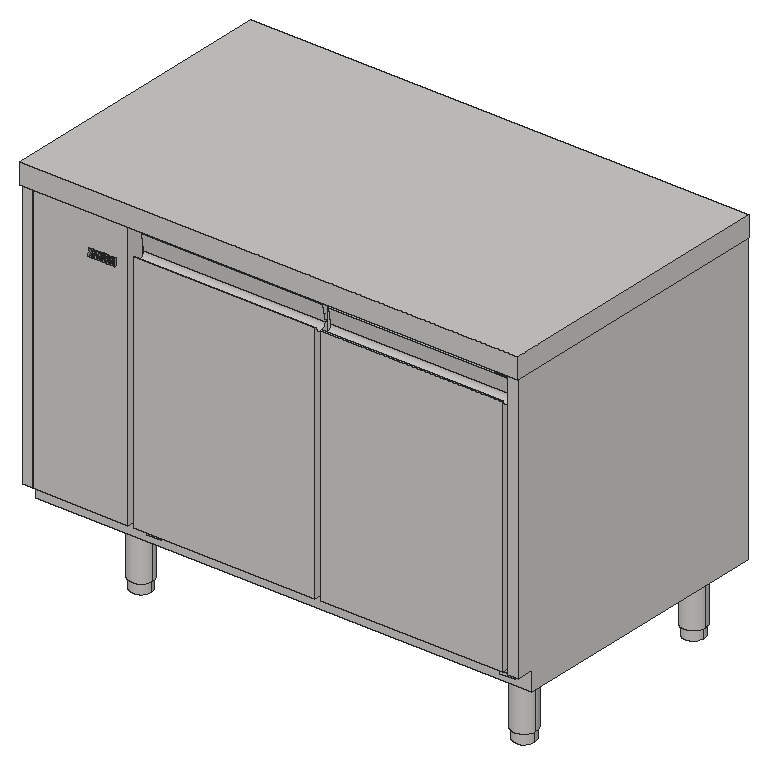
Revit family "QF_ZANUSSI_111023_ZH2RRAA", category Specialty Equipment, Revit 2018
Family settings
  Round Connector Dimension = Use Diameter
  Part Type = Normal
  Work Plane-Based = No
  Always vertical = Yes
  Cut with Voids When Loaded = No
  Shared = No
  Room Calculation Point = No
Parameters
  Weight = 0.00 kg
  Watts = 0.00278709 W
  Volts = 220 V
  URL Manufacturer = "http://www.zanussiprofessional.com/"
  URL = "http://www.zanussiprofessional.com/"
  Steam Supply Size = 0 mm
  Steam Supply Minimum Pressure = 0.0 Pa
  Steam Supply Maximum Pressure = 0.0 Pa
  Steam Pounds per Hour = 0
  Show Logo [instance] = yes
  Show Clearance [instance] = yes
  Refrigeration Suction Line Size = 0 mm
  Refrigeration Liquid Line Size = 0 mm
  Refrigerant Compressor Remote = yes
  Manufacturer = "Zanussi"
  Phase = 1
  Model = "ZH2RRAA"
  Length Actual = 1207 mm  # constant formula
  Item Number = "111023"
  Hot Water Size = 0 mm
  Height Actual = 900 mm  # constant formula
  HP = "0 HP"
  Gas Size = 0 mm
  Gas KW = 0
  Gas Input Pressure = 0 W
  Description = "2 DOORS REFRIGER.TABLE 290L-REM"
  Depth Actual = 700 mm  # constant formula
  Cycle = 0 Hz
  Condensate Return Size = 0 mm
  Compressed Air Volume = 0.0 L/s
  Compressed Air Size = 0 mm
  Compressed Air Pressure = 0.0 Pa
  Cold Water Size = 0 mm
  Accessory = yes
Reference planes
  plane 1 "Center X": y = 182.5
  plane 2: z = 0
  plane 3 "Center Y": x = -57.5
  plane 4: y = -62.5
  plane 5: y = 451.5
  plane 6 "BACK": y = 532.5
  plane 7 "FRONT": y = -167.5
  plane 8: x = -452
  plane 9: x = 478
  plane 10: z = 150
  plane 11 "TOP": z = 900
  plane 12: z = 850
  plane 13: x = -659
  plane 14: x = 544
  plane 15 "LEFT": x = -661
  plane 16 "RIGHT": x = 546
Forms (mm)
  Extrusion 1, solid, material "QF_Finishes_Stainless Steel"
    sketch origin (-57.5, 2, 0) x (0, 1, 0) y (0, 0, 1)
      loop
        line (530.5, 150) -> (530.5, 850) -> (-124.5, 850) -> (-124.5, 150) -> (530.5, 150)
    from -601.5 to 601.5
  Extrusion 2, solid, material "QF_Finishes_Stainless Steel"
    sketch origin (-1022.223, -1524, 150) x (-1, 0, 0) y (0, -1, 0)
      loop
        line (-363.223, -1361.5) -> (-388.223, -1361.5) -> (-388.223, -1401.5) -> (-363.223, -1401.5) -> (-363.223, -1361.5)
      loop
        line (-1566.223, -1401.5) -> (-1541.223, -1401.5) -> (-1541.223, -1361.5) -> (-1566.223, -1361.5) -> (-1566.223, -1401.5)
    from 47 to 700
  Extrusion 3, solid, material "QF_Finishes_Stainless Steel"
    sketch origin (0, 0, 900) x (-1, 0, 0) y (0, -1, 0)
      loop
        circle (-57, -94.5) r 8.45
    from -790.577 to -750
  Extrusion 4, solid, material "QF_Finishes_Stainless Steel"
    sketch origin (0, 0, 0) x (1, 0, 0) y (0, 1, 0)
      loop
        circle (-594, 207.5) r 8.45
    from 127.77 to 150
  Extrusion 5, solid, material "QF_Finishes_Stainless Steel"
    sketch origin (0, 0, 0) x (1, 0, 0) y (0, 1, 0)
      loop
        circle (-578, 162.5) r 4.75
    from 347 to 367
  Extrusion 6, solid, material "QF_Finishes_Stainless Steel"
    sketch origin (0, 0, 0) x (1, 0, 0) y (0, 1, 0)
      loop
        circle (-531, 4.5) r 4
    from 709 to 729
  Extrusion 7, solid, material "QF_Finishes_Stainless Steel"
    sketch origin (0, 0, 0) x (1, 0, 0) y (0, 1, 0)
      loop
        circle (-553, 159.5) r 4
    from 397 to 417
  Extrusion 8, solid, material "QF_Finishes_Stainless Steel"
    sketch origin (-57.5, 0, 0) x (0, 1, 0) y (0, 0, 1)
      loop
        line (-167.5, 900) -> (-167.5, 850) -> (532.5, 850) -> (532.5, 900) -> (-167.5, 900)
    from -603.5 to 603.5
Cuts and joins
  joined: Extrusion 1, Extrusion 2
Lines and regions (mm)
  symbolic lines, style "SpecialityEquipmentHiddenLines"
    curve 1: line (-661, -122.5, 900) -> (546, -122.5, 900)
    curve 2: line (-396, -167.5, 900) -> (-396, -122.5, 900)
  symbolic lines, style "SpecialityEquipment"
    curve 3: line (-661, 532.5, 900) -> (546, 532.5, 900)
    curve 4: line (-661, 532.5, 900) -> (-661, -167.5, 900)
    curve 5: line (-661, -167.5, 900) -> (546, -167.5, 900)
    curve 6: line (546, -167.5, 900) -> (546, 532.5, 900)
Dimensions and locks
  locked: plane 6 "BACK" to plane 7 "FRONT" at 700
  equal spacing: plane 6 "BACK", plane 1 "Center X", plane 7 "FRONT"
  locked: plane 6 "BACK" to plane 5 at 81
  plane 10 to level = 150 mm
  plane 11 "TOP" to plane 12 to plane 10 = 50 mm locked, 700 mm locked
  locked: Extrusion 2 sketch curve to Extrusion 2 sketch curve at 25  (x2)
  locked: plane 4 to plane 7 "FRONT" at 105
  locked: plane 6 "BACK" to Extrusion 3 sketch curve at 438
  equal spacing: plane 13, plane 3 "Center Y", plane 14
  plane 15 "LEFT" to plane 16 "RIGHT" = 1207 mm
  locked: plane 13 to plane 8 at 207
  locked: plane 9 to plane 14 at 66
  locked: Extrusion 3 sketch curve to plane 14 at 487
  plane 6 "BACK" to Extrusion 4 sketch curve = 325 mm
  locked: plane 13 to Extrusion 4 sketch curve at 65
  locked: plane 13 to Extrusion 7 sketch curve at 106
  locked: plane 6 "BACK" to Extrusion 7 sketch curve at 373
  locked: plane 6 "BACK" to Extrusion 5 sketch curve at 370
  locked: plane 13 to Extrusion 5 sketch curve at 81
  plane 13 to Extrusion 6 sketch curve = 128 mm
  plane 6 "BACK" to Extrusion 6 sketch curve = 528 mm
  locked: plane 10 to Extrusion 4 at 22.23
  cut or joined group of Extrusion 1, Extrusion 2 to Extrusion 5 to Extrusion 5 to Extrusion 7 to Extrusion 7 to Extrusion 6 to Extrusion 6 = 197 mm locked, 20 mm locked, 30 mm locked, 20 mm locked, 292 mm locked, 20 mm locked
  aligned and locked: level to plane 2
  aligned and locked: plane 10 to Extrusion 3
  aligned and locked: nested 4 to plane 4
  aligned and locked: nested 1 to plane 4
  aligned and locked: nested 3 to plane 5
  aligned and locked: nested 2 to plane 5
  aligned and locked: plane 8 to nested 1
  aligned and locked: plane 8 to nested 2
  aligned and locked: plane 9 to nested 4
  aligned and locked: plane 9 to nested 3
  aligned and locked: Extrusion 1 to Extrusion 2
  aligned and locked: Extrusion 2 to Extrusion 1
  aligned and locked: Extrusion 2 sketch curve to plane 14
  aligned and locked: plane 13 to Extrusion 2 sketch curve
  aligned and locked: cut or joined group of Extrusion 1, Extrusion 2 to plane 10
  aligned and locked: plane 12 to cut or joined group of Extrusion 1, Extrusion 2
  aligned and locked: plane 10 to Extrusion 4
  aligned and locked: Extrusion 8 to plane 15 "LEFT"
  aligned and locked: plane 6 "BACK" to Extrusion 8
  aligned and locked: plane 16 "RIGHT" to Extrusion 8
  aligned and locked: Extrusion 8 to plane 7 "FRONT"
  aligned and locked: plane 11 "TOP" to Extrusion 8
  aligned and locked: Extrusion 8 to plane 12
  aligned and locked: nested 8 to plane 7 "FRONT"
  aligned and locked: plane 14 to nested 8
Automatic sketch dimensions
  Extrusion 1 sketch curve to plane 10 = 0 mm
  Extrusion 1 sketch curve to plane 12 = 0 mm
  Extrusion 1 sketch curve to plane 6 "BACK" = 0 mm
  plane 7 "FRONT" to Extrusion 1 sketch curve = 45 mm
  plane 7 "FRONT" to Extrusion 2 sketch curve = 45 mm  (x2)
  plane 7 "FRONT" to Extrusion 2 sketch curve = 5 mm  (x2)
  curve 6 to plane 6 "BACK" = 0 mm
  curve 6 to plane 16 "RIGHT" = 0 mm
  curve 2 to plane 7 "FRONT" = 0 mm
  curve 5 to plane 15 "LEFT" = 0 mm
  plane 8 to curve 2 = 56 mm
  plane 7 "FRONT" to curve 1 = 45 mm
  Extrusion 8 sketch curve to plane 7 "FRONT" = 0 mm
  Extrusion 8 sketch curve to plane 6 "BACK" = 0 mm
  Extrusion 8 sketch curve to plane 12 = 0 mm
  Extrusion 8 sketch curve to plane 11 "TOP" = 0 mm
  radius of Extrusion 3 sketch curve = 8.45 mm
  radius of Extrusion 4 sketch curve = 8.45 mm
  radius of Extrusion 5 sketch curve = 4.75 mm
  radius of Extrusion 6 sketch curve = 4 mm
  radius of Extrusion 7 sketch curve = 4 mm
Nested families
  nested 1: "Foot_Ø50_H150" at (-452, -62.5, 0), type "Foot_Ø50_H150"
  nested 2: "Foot_Ø50_H150" at (-452, 451.5, 0), type "Foot_Ø50_H150"
  nested 3: "Foot_Ø50_H150" at (478, 451.5, 0), type "Foot_Ø50_H150"
  nested 4: "Foot_Ø50_H150" at (478, -62.5, 0), type "Foot_Ø50_H150"
  nested 5: "ZAN_Cooling Unit_Remote" at (-518.5, -164.5, 0), Show Logo <- "Show Logo", type "ZAN_Cooling Unit_Remote"
  nested 6: "Door" at (285, -164.5, 0), Show Clearance <- "Show Clearance", type "Door"
  nested 7: "Door" at (-169, -164.5, 0) x (-1, 0, 0) z (0, 0, 1), Show Clearance <- "Show Clearance", type "Door"
  nested 8: "Refrigerator" at (544, -167.5, 900), type "Refrigerator"
Connectors
  piping at (-594, 207.5, 127.77), diameter 17
    settings: on Extrusion 4, index 1, connector inside diameter 609.6 mm, connector length 0 mm, flow factor 0, pipe flow 0.0 L/s, pressure drop 0.0 Pa, fitting loss kfactor 0, connector angle 0.00°, fixture units 0, engagement length 0 mm, angle of deflection 0.00°, flow configuration 1, flow direction 2, fitting loss method 0, system type 16, joint type 0, gender type 0, connector reference index -1, connector utility 0, adjustable connector no, is connector primary yes, connector description "Drain"
  piping at (-578, 162.5, 347), diameter 2895.6
    settings: on Extrusion 5, index 2, connector inside diameter 609.6 mm, connector length 0 mm, flow factor 0, pipe flow 0.0 L/s, pressure drop 0.0 Pa, fitting loss kfactor 0, connector angle 0.00°, fixture units 0, engagement length 0 mm, angle of deflection 0.00°, flow configuration 1, flow direction 2, fitting loss method 0, system type 8, joint type 0, gender type 0, connector reference index -1, connector utility 0, adjustable connector no, is connector primary no, connector description "Refrigerant Outlet"
  piping at (-553, 159.5, 397), diameter 2438.4
    settings: on Extrusion 7, index 3, connector inside diameter 609.6 mm, connector length 0 mm, flow factor 0, pipe flow 0.0 L/s, pressure drop 0.0 Pa, fitting loss kfactor 0, connector angle 0.00°, fixture units 0, engagement length 0 mm, angle of deflection 0.00°, flow configuration 1, flow direction 1, fitting loss method 0, system type 7, joint type 0, gender type 0, connector reference index -1, connector utility 0, adjustable connector no, is connector primary no, connector description "Refrigerant Inlet"
  electrical at (-531, 4.5, 709)
    settings: on Extrusion 6, index 4, voltage 0 V, apparent load 0 VA, apparent load phase1 0 VA, apparent load phase2 0 VA, apparent load phase3 0 VA, power factor 1, load classification "Altro", number of poles 1, system type 30, power factor state 1, is connector primary yes, connector utility no, sub classification motor no, connector description "Electrical Connection"
  piping at (57, 94.5, 109.423), diameter 17
    settings: on Extrusion 3, index 5, connector inside diameter 609.6 mm, connector length 0 mm, flow factor 0, pipe flow 0.0 L/s, pressure drop 0.0 Pa, fitting loss kfactor 0, connector angle 0.00°, fixture units 0, engagement length 0 mm, angle of deflection 0.00°, flow configuration 1, flow direction 2, fitting loss method 0, system type 16, joint type 0, gender type 0, connector reference index -1, connector utility 0, adjustable connector no, is connector primary no, connector description "Drain"
Definition of nested family "Foot_Ø50_H150"
  Reference planes
    plane 1 "Centro (Fronte/Retro)": y = 0
    plane 2: z = 0
    plane 3 "Centro (Sinistra/Destra)": x = 0
    plane 4: z = 150
  Forms (mm)
    Revolve 1, solid
      sketch origin (255.05, 0, 608.09) x (0, 0, 1) y (-1, 0, 0)
        loop
          line (-608.09, 255.05) -> (-608.09, 230.05) -> (-583.09, 230.05) -> (-583.09, 226.05) -> (-458.09, 226.05) -> (-458.09, 255.05) -> (-608.09, 255.05)
        axis (-608.09, 255.05) -> (-458.09, 255.05)
      angle from 0 to 360
  Dimensions and locks
    locked: Revolve 1 sketch curve to Revolve 1 sketch curve at 125
    aligned and locked: level to plane 2
    aligned and locked: plane 4 to Revolve 1 sketch curve
    aligned and locked: Revolve 1 sketch curve to level
    aligned and locked: plane 3 "Centro (Sinistra/Destra)" to Revolve 1 sketch curve
Definition of nested family "ZAN_Cooling Unit_Remote"
  Parameters
    Show Logo [instance] = yes
  Reference planes
    plane 1 "FRONT": y = -3
    plane 2: z = 0
    plane 3 "Centro (Sinistra/Destra)": x = 0
    plane 4: z = 150
    plane 5: z = 850
    plane 6: x = -115.5
    plane 7: x = 115.5
  Forms (mm)
    Extrusion 1, solid
      sketch origin (0, 55, 511) x (0, 0, 1) y (0, -1, 0)
        loop
          line (-314, 53) -> (-314, 13) -> (339, 13) -> (339, 53) -> (-314, 53)
      from -115.5 to 115.5
  Lines and regions (mm)
    Split face 1
      outline origin (0, 2, 197) x (0, 0, 1) y (-1, 0, 0)
        loop
          line (622.361, 88.738) -> (620.361, 90.738) -> (551.361, 90.738) -> (549.361, 88.738) -> (549.361, -88.738) -> (551.361, -90.738) -> (620.361, -90.738) -> (622.361, -88.738) -> (622.361, 88.738)
    Split face 2
      outline origin (0, 2, 197) x (0, 0, 1) y (-1, 0, 0)
        loop
          line (594.861, 71.967) -> (576.861, 71.967) -> (576.861, 6.967) -> (594.861, 6.967) -> (594.861, 71.967)
    Split face 3
      outline origin (0, 2, 197) x (0, 0, 1) y (-1, 0, 0)
        loop
          spline (549.361, 14.392) -> (554.282, 6.98) -> (559.415, 0.36) -> (564.759, -5.468) -> (570.314, -10.504) -> (576.08, -14.748) -> (582.058, -18.199) -> (588.247, -20.859) -> (594.647, -22.726) -> (601.259, -23.801) -> (608.081, -24.084) -> (615.115, -23.575) -> (622.361, -22.274)
        loop
          spline (549.361, 2.362) -> (555.285, -3.356) -> (561.239, -8.428) -> (567.221, -12.855) -> (573.232, -16.635) -> (579.272, -19.769) -> (585.341, -22.257) -> (591.439, -24.099) -> (597.565, -25.295) -> (603.721, -25.845) -> (609.905, -25.749) -> (616.118, -25.007) -> (622.361, -23.619)
  Dimensions and locks
    aligned and locked: level to plane 2
  Nested families
    nested 1: "ZAN_Logo_XS_Grey" at (52.418, 2, 758.75) x (1, 0, 0) z (0, -1, 0), visible <- "Show Logo", type "ZAN_Logo_XS_Grey"
  Definition of nested family "ZAN_Logo_XS_Grey"
    Parameters
      Default Elevation = 0 mm
    Reference planes
      plane 1 "Centro (Fronte/Retro)": y = 0
      plane 2: z = 0
      plane 3 "Centro (Sinistra/Destra)": x = 0
    Forms (mm)
      Extrusion 1, solid
        sketch origin (0, 0, 0) x (1, 0, 0) y (0, 1, 0)
          loop
            line (-1219.2, 1219.2) -> (-1219.2, -1219.2) -> (1219.2, -1219.2) -> (1219.2, 1219.2) -> (-1219.2, 1219.2)
        from 0 to -304.8
      Extrusion 2, solid
        sketch origin (17.793, -46.218, 0) x (-1, 0, 0) y (0, -1, 0)
          loop
            spline (1.911, -54.793) -> (2.402, -54.973) -> (2.91, -55.105) -> (3.43, -55.191) -> (3.955, -55.229) -> (4.482, -55.219) -> (5.006, -55.161) -> (5.521, -55.054) -> (6.022, -54.898) -> (6.506, -54.693) -> (6.966, -54.438) -> (7.398, -54.133) -> (7.797, -53.778)
            spline (7.797, -53.778) -> (8.033, -53.407) -> (8.237, -53.008) -> (8.407, -52.586) -> (8.544, -52.147) -> (8.65, -51.697) -> (8.723, -51.241) -> (8.764, -50.785) -> (8.774, -50.335) -> (8.753, -49.897) -> (8.701, -49.475) -> (8.619, -49.075) -> (8.507, -48.704)
            line (8.507, -48.704) -> (6.883, -46.37) -> (5.158, -44.848) -> (3.027, -42.716)
            spline (3.027, -42.716) -> (3.002, -42.56) -> (2.979, -42.398) -> (2.962, -42.23) -> (2.952, -42.059) -> (2.951, -41.886) -> (2.963, -41.714) -> (2.99, -41.545) -> (3.034, -41.378) -> (3.098, -41.218) -> (3.184, -41.065) -> (3.295, -40.921) -> (3.433, -40.788)
            line (3.433, -40.788) -> (4.752, -40.687)
            spline (4.752, -40.687) -> (4.999, -40.855) -> (5.185, -41.053) -> (5.32, -41.275) -> (5.41, -41.518) -> (5.463, -41.775) -> (5.488, -42.044) -> (5.491, -42.319) -> (5.481, -42.596) -> (5.466, -42.87) -> (5.452, -43.137) -> (5.448, -43.392) -> (5.462, -43.63)
            line (5.462, -43.63) -> (9.014, -43.63)
            spline (9.014, -43.63) -> (9.056, -43.199) -> (9.08, -42.769) -> (9.084, -42.342) -> (9.067, -41.92) -> (9.027, -41.503) -> (8.964, -41.093) -> (8.875, -40.691) -> (8.759, -40.3) -> (8.615, -39.919) -> (8.441, -39.552) -> (8.237, -39.198) -> (7.999, -38.86)
            spline (7.999, -38.86) -> (7.708, -38.596) -> (7.394, -38.361) -> (7.059, -38.155) -> (6.707, -37.977) -> (6.338, -37.828) -> (5.957, -37.706) -> (5.565, -37.612) -> (5.165, -37.545) -> (4.76, -37.504) -> (4.351, -37.491) -> (3.942, -37.503) -> (3.534, -37.541)
            spline (3.534, -37.541) -> (3.104, -37.608) -> (2.677, -37.709) -> (2.258, -37.842) -> (1.85, -38.007) -> (1.459, -38.203) -> (1.086, -38.429) -> (0.737, -38.685) -> (0.415, -38.969) -> (0.123, -39.282) -> (-0.133, -39.622) -> (-0.35, -39.989) -> (-0.525, -40.383)
            spline (-0.525, -40.383) -> (-0.633, -40.866) -> (-0.704, -41.352) -> (-0.738, -41.837) -> (-0.736, -42.318) -> (-0.698, -42.794) -> (-0.627, -43.262) -> (-0.521, -43.719) -> (-0.382, -44.164) -> (-0.211, -44.592) -> (-0.008, -45.003) -> (0.226, -45.394) -> (0.49, -45.761)
            line (0.49, -45.761) -> (4.549, -49.414) -> (5.056, -50.023) -> (5.259, -51.647) -> (4.042, -52.256) -> (3.027, -51.546) -> (2.925, -49.414) -> (-0.424, -49.414) -> (-0.22, -52.865)
            spline (-0.22, -52.865) -> (-0.13, -53.068) -> (-0.013, -53.268) -> (0.127, -53.466) -> (0.287, -53.658) -> (0.464, -53.843) -> (0.655, -54.019) -> (0.856, -54.185) -> (1.065, -54.338) -> (1.278, -54.478) -> (1.492, -54.601) -> (1.704, -54.707) -> (1.911, -54.793)
          loop
            spline (-10.267, -52.966) -> (-9.987, -53.421) -> (-9.658, -53.822) -> (-9.284, -54.17) -> (-8.873, -54.466) -> (-8.429, -54.711) -> (-7.959, -54.907) -> (-7.467, -55.054) -> (-6.96, -55.154) -> (-6.443, -55.207) -> (-5.922, -55.214) -> (-5.402, -55.178) -> (-4.889, -55.098)
            spline (-4.889, -55.098) -> (-4.532, -55.03) -> (-4.176, -54.93) -> (-3.825, -54.799) -> (-3.483, -54.639) -> (-3.156, -54.45) -> (-2.847, -54.235) -> (-2.561, -53.994) -> (-2.303, -53.729) -> (-2.077, -53.442) -> (-1.889, -53.134) -> (-1.742, -52.805) -> (-1.641, -52.459)
            spline (-1.641, -52.459) -> (-1.485, -51.997) -> (-1.371, -51.525) -> (-1.299, -51.049) -> (-1.269, -50.572) -> (-1.282, -50.098) -> (-1.337, -49.63) -> (-1.434, -49.173) -> (-1.574, -48.73) -> (-1.756, -48.306) -> (-1.98, -47.904) -> (-2.246, -47.528) -> (-2.555, -47.182)
            line (-2.555, -47.182) -> (-6.31, -43.833) -> (-7.121, -42.615)
            spline (-7.121, -42.615) -> (-7.146, -42.461) -> (-7.169, -42.304) -> (-7.188, -42.144) -> (-7.2, -41.984) -> (-7.204, -41.823) -> (-7.198, -41.664) -> (-7.178, -41.506) -> (-7.144, -41.352) -> (-7.093, -41.202) -> (-7.023, -41.058) -> (-6.932, -40.919) -> (-6.817, -40.788)
            line (-6.817, -40.788) -> (-5.802, -40.585)
            spline (-5.802, -40.585) -> (-5.443, -40.671) -> (-5.17, -40.818) -> (-4.971, -41.02) -> (-4.836, -41.266) -> (-4.753, -41.547) -> (-4.711, -41.854) -> (-4.699, -42.178) -> (-4.705, -42.51) -> (-4.718, -42.84) -> (-4.726, -43.16) -> (-4.719, -43.46) -> (-4.686, -43.731)
            line (-4.686, -43.731) -> (-1.134, -43.63)
            spline (-1.134, -43.63) -> (-1.09, -43.193) -> (-1.063, -42.747) -> (-1.055, -42.296) -> (-1.07, -41.845) -> (-1.112, -41.396) -> (-1.185, -40.953) -> (-1.291, -40.522) -> (-1.435, -40.104) -> (-1.619, -39.705) -> (-1.848, -39.329) -> (-2.125, -38.978) -> (-2.453, -38.657)
            spline (-2.453, -38.657) -> (-2.873, -38.351) -> (-3.319, -38.09) -> (-3.785, -37.876) -> (-4.269, -37.706) -> (-4.765, -37.582) -> (-5.269, -37.503) -> (-5.778, -37.468) -> (-6.287, -37.477) -> (-6.792, -37.53) -> (-7.288, -37.626) -> (-7.771, -37.765) -> (-8.238, -37.947)
            spline (-8.238, -37.947) -> (-8.443, -38.033) -> (-8.65, -38.14) -> (-8.858, -38.264) -> (-9.065, -38.405) -> (-9.269, -38.562) -> (-9.468, -38.733) -> (-9.661, -38.917) -> (-9.846, -39.112) -> (-10.022, -39.317) -> (-10.185, -39.53) -> (-10.335, -39.751) -> (-10.47, -39.977)
            spline (-10.47, -39.977) -> (-10.65, -40.464) -> (-10.783, -40.962) -> (-10.87, -41.467) -> (-10.91, -41.976) -> (-10.904, -42.487) -> (-10.851, -42.996) -> (-10.752, -43.501) -> (-10.606, -43.998) -> (-10.413, -44.486) -> (-10.174, -44.961) -> (-9.889, -45.421) -> (-9.557, -45.863)
            line (-9.557, -45.863) -> (-5.295, -49.719) -> (-4.787, -51.038) -> (-5.193, -52.053) -> (-6.107, -52.256) -> (-7.121, -51.546) -> (-7.223, -49.516) -> (-10.673, -49.414)
            spline (-10.673, -49.414) -> (-10.656, -49.721) -> (-10.65, -50.03) -> (-10.653, -50.341) -> (-10.658, -50.651) -> (-10.662, -50.96) -> (-10.661, -51.267) -> (-10.648, -51.569) -> (-10.621, -51.865) -> (-10.573, -52.154) -> (-10.502, -52.435) -> (-10.401, -52.706) -> (-10.267, -52.966)
          loop
            line (-11.282, -37.541) -> (-14.834, -37.541) -> (-14.834, -54.894) -> (-11.282, -54.894) -> (-11.282, -37.541)
          loop
            line (15.205, -41.702) -> (15.205, -54.894) -> (18.757, -54.894) -> (18.757, -43.224) -> (18.554, -40.383)
            arc (18.554, -40.383) -> (17.093, -38.328) -> (14.698, -37.541) r 4.037
            line (14.698, -37.541) -> (13.074, -37.541) -> (12.262, -37.744)
            arc (12.262, -37.744) -> (10.306, -39.004) -> (9.522, -41.194) r 3.619
            line (9.522, -41.194) -> (9.522, -54.894) -> (13.074, -54.894) -> (13.074, -42.006) -> (13.479, -41.093) -> (14.596, -40.991) -> (15.205, -41.702)
          loop
            line (19.569, -54.894) -> (22.816, -54.894) -> (22.816, -43.833) -> (25.759, -54.894) -> (29.514, -54.894) -> (29.514, -37.541) -> (26.368, -37.541) -> (26.368, -49.008) -> (23.425, -37.541) -> (19.569, -37.541) -> (19.569, -54.894)
          loop
            line (41.184, -54.894) -> (50.013, -54.894) -> (50.013, -51.647) -> (45.345, -51.749) -> (50.419, -41.093) -> (50.419, -37.541) -> (41.184, -37.541) -> (41.184, -41.093) -> (46.511, -41.093) -> (41.184, -51.952) -> (41.184, -54.894)
          loop
            line (32.964, -54.894) -> (37.835, -54.894) -> (40.981, -37.541) -> (37.328, -37.541) -> (36.821, -40.89) -> (33.878, -40.89) -> (33.37, -37.541) -> (29.717, -37.541) -> (32.964, -54.894)
          loop
            line (36.415, -44.036) -> (34.385, -44.036) -> (35.4, -51.928) -> (36.415, -44.036)
        from 0 to 1.644
    Dimensions and locks
      aligned and locked: plane 2 to Extrusion 1
      aligned and locked: level to Extrusion 1
Definition of nested family "Door"
  Parameters
    Show Clearance [instance] = yes
  Reference planes
    plane 1 "FRONT": y = -3
    plane 2: z = 0
    plane 3 "Centro (Sinistra/Destra)": x = 0
    plane 4: z = 150
    plane 5: z = 850
    plane 6: x = -234
    plane 7: x = 234
    plane 8: x = -220
    plane 9: x = 220
  Forms (mm)
    Extrusion 1, solid
      sketch origin (0, 53, 511) x (0, 0, 1) y (0, -1, 0)
        loop
          line (-323.003, 28.5) -> (-316.501, 28.5) -> (-316.501, 31) -> (-325.503, 31) -> (-325.503, 13.5) -> (-345.503, 13.5) -> (-345.503, 11) -> (-323.003, 11) -> (-323.003, 23.259) -> (-323.003, 28.5)
        loop
          line (-314, 27) -> (-316.501, 27) -> (-316.501, 18.501) -> (-319.752, 18.501) -> (-319.752, 16) -> (-314, 16) -> (-314, 27)
        loop
          line (315.003, 27) -> (315.003, 13.948) -> (315.003, 11) -> (327.503, 11) -> (327.503, 13.5) -> (317.503, 13.5) -> (317.503, 27) -> (315.003, 27)
      from 185 to 220
    Extrusion 2, solid, visible <- "Show Clearance", detail levels coarse
      sketch origin (0, 53, 511) x (0, -1, 0) y (1, 0, 0)
        loop
          line (51, 220) -> (51, -220)
          arc (51, -220) -> (339.234, -79.44) -> (454, 220) r 437.168
          line (454, 220) -> (51, 220)
      from -314 to 314
    Extrusion 3, solid
      sketch origin (0, 55, 511) x (0, 0, 1) y (0, -1, 0)
        loop
          line (314, 18) -> (314, 29) -> (274.395, 22.5)
          arc (274.395, 22.5) -> (260.395, 36.5) -> (274.395, 50.5) r 14
          line (274.395, 50.5) -> (274.395, 53) -> (-314, 53) -> (-314, 18) -> (314, 18)
      from -220 to 220
  Lines and regions (mm)
    symbolic lines
      curve 1: line (220, -3, 0) -> (220, -401, 0)
      curve 2: line (220, -401, 0) -> (185, -401, 0)
      curve 3: line (185, -401, 0) -> (185, -3, 0)
      curve 4: arc (-219.722, -3, 0) -> (-89.51, -275.368, 0) -> (185, -401, 0) r 442.855
  Dimensions and locks
    aligned and locked: level to plane 2
Definition of nested family "Refrigerator"
  Reference planes
    plane 1 "Center (Front/Back)": y = 0
    plane 2: z = 0
    plane 3 "Center (Left/Right)": x = 0
  Lines and regions (mm)
    detail lines, in view "Ref. Level"
      curve 1: spline (-500, 190, 0) -> (-493.185, 166.706, 0) -> (-473.205, 145, 0) -> (-441.421, 126.36, 0) -> (-400, 112.058, 0) -> (-351.764, 103.067, 0) -> (-300, 100, 0) -> (-248.236, 103.067, 0) -> (-200, 112.058, 0) -> (-158.579, 126.36, 0) -> (-126.795, 145, 0) -> (-106.815, 166.706, 0) -> (-100, 190, 0) -> (-106.815, 213.294, 0) -> (-126.795, 235, 0) -> (-158.579, 253.64, 0) -> (-200, 267.942, 0) -> (-248.236, 276.933, 0) -> (-300, 280, 0) -> (-351.764, 276.933, 0) -> (-400, 267.942, 0) -> (-441.421, 253.64, 0) -> (-473.205, 235, 0) -> (-493.185, 213.294, 0) -> (-500, 190, 0)
      curve 2: line (-300, 130, 0) -> (-300, 250, 0)
      curve 3: line (-351.962, 220, 0) -> (-248.038, 160, 0)
      curve 4: line (-351.962, 160, 0) -> (-248.038, 220, 0)
      curve 5: line (-280.884, 246.873, 0) -> (-300, 225, 0)
      curve 6: line (-300, 225, 0) -> (-319.116, 246.873, 0)
      curve 7: line (-330.311, 207.5, 0) -> (-339.696, 234.992, 0)
      curve 8: line (-358.812, 201.882, 0) -> (-330.311, 207.5, 0)
      curve 9: line (-330.311, 172.5, 0) -> (-358.812, 178.118, 0)
      curve 10: line (-339.696, 145.008, 0) -> (-330.311, 172.5, 0)
      curve 11: line (-300, 155, 0) -> (-319.116, 133.127, 0)
      curve 12: line (-280.884, 133.127, 0) -> (-300, 155, 0)
      curve 13: line (-269.689, 172.5, 0) -> (-260.304, 145.008, 0)
      curve 14: line (-241.188, 178.118, 0) -> (-269.689, 172.5, 0)
      curve 15: line (-269.689, 207.5, 0) -> (-241.188, 201.882, 0)
      curve 16: line (-260.304, 234.992, 0) -> (-269.689, 207.5, 0)
